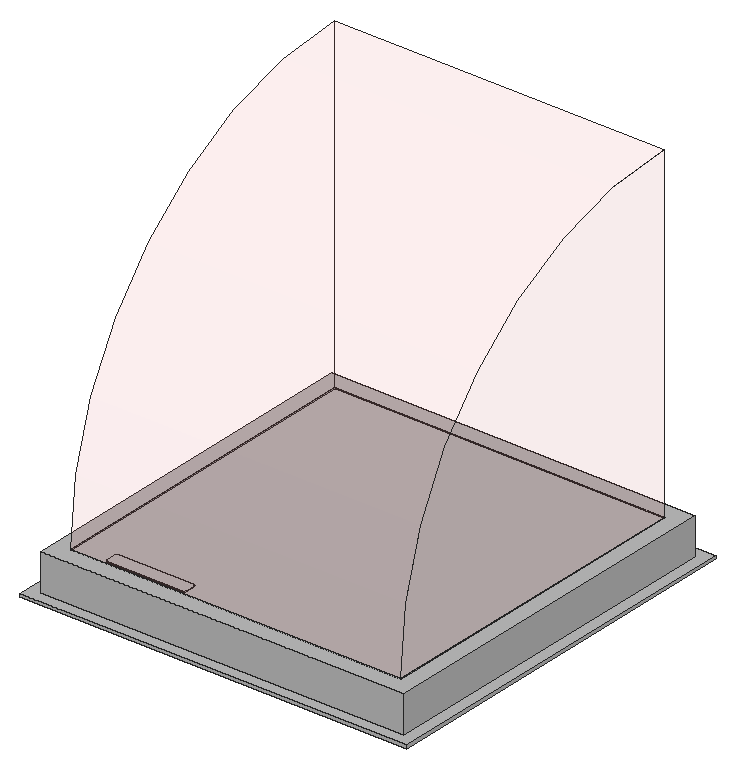
Revit family "Door_Access_Floor_Acudor_FC-300", category Generic Models, host Face, Revit 2026
Family settings
  Host = Face
  Can host rebar = No
  Round Connector Dimension = Use Diameter
  Part Type = Normal
  Cut with Voids When Loaded = No
  Maintain Annotation Orientation = No
  Shared = No
  Room Calculation Point = No
Parameters
  halfswing = (Door Width / 2)  # 1' - 2 1/2"
  Warranty Duration (Years) = 0
  Unit Width = 2' - 0"
  Unit Weight = 0
  Unit Height = 2' - 0"
  Unit Depth = 0' - 3 1/2"
  URL = "http://www.acudor.com/"
  Test Data = ""
  Swing Clearance Visible [instance] = yes
  Standards Conformance = "as Specified"
  Specification = ""
  SpecWizard = ""
  SingleSwing [instance] = and(Single Leaf, Swing Clearance Visible)  # yes
  Single Leaf = Unit Width < 4' 0"  # yes
  Send Message = ""
  Sales Information = "http://www.acudor.com/contactus"
  Revision = "R1_2017-03"
  Product Properties = ""
  Product Data = "http://www.arcat.com/arcatcos/cos30/arc30126.html"
  Overall Width = 2' - 8"
  Overall Height = 2' - 8"
  Opening Width = Unit Width  # 2' - 0"
  Opening Height = Unit Height  # 2' - 0"
  Opening Depth [instance] = 1' - 0"
  Model = "As Specified"
  Manufacturer Website = "http://www.acudor.com/"
  Manufacturer Phone - Toll Free = "800-722-0501"
  Manufacturer Phone = "973-575-5120"
  Manufacturer Fax = "973-575-5160"
  Manufacturer Address = "80 Little Falls Rd.  Fairfield, NJ 07004"
  Manufacturer = "Acudor Products Inc"
  Maintenance Schedule (Months) = 0
  Keynote = ""
  Installation-Fabrication = ""
  Installation Phase = ""
  Green Building-LEED = "http://www.arcat.com/green/clients/leed_data_30126.html"
  Frame Finish [instance] = Metal - Acudor - Aluminum
  Fixture Finish [instance] = Metal - Acudor - Aluminum Diamond Plated
  Expected Lifespan (Years) = 0
  Drawn By = "Sumex Design, Inc. / Robert S. Weygant, CSI, CDT, SCIP"
  DoubleSwing [instance] = and(Double Leaf, Swing Clearance Visible)  # no
  Double Leaf = not(Single Leaf)  # no
  Door Width = Overall Width - 0' 3"  # 2' - 5"
  Door Height = Overall Height - 0' 3"  # 2' - 5"
  Description = "Acudor Product as Specified"
  Default Elevation = 0' - 0"  # constant formula
  Copyright = "©Arcat Inc."
  Construction Details = ""
  Clearance Material [instance] = ARCAT Clearance
  Clear Opening Width = 1' - 8"
  Clear Opening Height = 2' - 0"
  Capacity = "as Specified"
  Available Options [instance] = "as Specified"
  Assembly Code = ""
Reference planes (in)
  plane 1 "Center (Front/Back)": y = 1.28343
  plane 2: z = 0
  plane 3 "Center (Left/Right)": x = 0
  plane 4: y = 13.28343
  plane 5: y = -10.71657
  plane 6: x = -12
  plane 7: x = 12
  plane 8: z = 0
  plane 9: y = 17.28343
  plane 10: y = -14.71657
  plane 11: x = -16
  plane 12: x = 16
  plane 13: z = -3.5
  plane 14: x = -12
  plane 15: x = 12
  plane 16: y = 13.28343
  plane 17: y = -10.71657
  plane 18: z = -12
  plane 19: y = 15.78343
  plane 20: y = -13.21657
  plane 21: x = -14.5
  plane 22: x = 14.5
Forms (in)
  Extrusion 1, void
    sketch origin (0, 0, 0) x (1, 0, 0) y (0, 1, 0)
      loop
        line (-12, 13.28343) -> (-12, -10.71657) -> (12, -10.71657) -> (12, 13.28343) -> (-12, 13.28343)
    from -12 to 0
  Extrusion 2, void
    sketch origin (0, 0, 0) x (1, 0, 0) y (0, 1, 0)
      loop
        line (-16, 17.28343) -> (-16, -14.71657) -> (16, -14.71657) -> (16, 17.28343) -> (-16, 17.28343)
    from 0 to -3.5
  Sweep 3, solid, material "Metal - Acudor - Aluminum" <- "Frame Finish"
    path origin (0, 0, 0) x (1, 0, 0) y (0, 1, 0)
      loop
        line (-16, 17.28343) -> (-16, -14.71657) -> (16, -14.71657) -> (16, 17.28343) -> (-16, 17.28343)
    profile origin (0, 17.28343, 0) x (0, 1, 0) y (0, 0, 1)
      loop
        line (0, 0) -> (-1.5, 0) -> (-1.5, -0.25) -> (-0.25, -0.25) -> (-0.25, -3.25) -> (-3.75, -3.25) -> (-3.75, -0.25) -> (-4, -0.25) -> (-4, -3.5) -> (1, -3.5) -> (1, -3.25) -> (0, -3.25) -> (0, 0)
  Extrusion 4, solid, material "Metal - Acudor - Aluminum Diamond Plated" <- "Fixture Finish", visible <- "Single Leaf"
    sketch origin (0, 0, 0) x (1, 0, 0) y (0, 1, 0)
      loop
        line (-14.5, 15.78343) -> (-14.5, -13.21657) -> (14.5, -13.21657) -> (14.5, 15.78343) -> (-14.5, 15.78343)
    from 0 to -0.25
  Extrusion 5, solid, material "Metal - Acudor - Aluminum" <- "Frame Finish", visible <- "Single Leaf"
    sketch origin (0, 0, 0) x (1, 0, 0) y (0, 1, 0)
      loop
        arc (-11.44431, -11.76889) -> (-11.62109, -11.84211) -> (-11.69431, -12.01889) r 0.25
        line (-11.69431, -12.01889) -> (-11.69431, -12.76889)
        arc (-11.69431, -12.76889) -> (-11.62109, -12.94567) -> (-11.44431, -13.01889) r 0.25
        line (-11.44431, -13.01889) -> (-4.94431, -13.01889)
        arc (-4.94431, -13.01889) -> (-4.76754, -12.94567) -> (-4.69431, -12.76889) r 0.25
        line (-4.69431, -12.76889) -> (-4.69431, -12.01889)
        arc (-4.69431, -12.01889) -> (-4.76754, -11.84211) -> (-4.94431, -11.76889) r 0.25
        line (-4.94431, -11.76889) -> (-11.44431, -11.76889)
    from 0 to -0.25
  Extrusion 6, solid, material "Metal - Acudor - Aluminum" <- "Frame Finish", visible <- "Single Leaf"
    sketch origin (0, 0, 0) x (1, 0, 0) y (0, 1, 0)
      loop
        line (-11.25, 12.53343) -> (-11.25, -9.96489) -> (11.24832, -9.96489) -> (11.24832, 12.53343) -> (-11.25, 12.53343)
    from -1.75 to -0.25
  Extrusion 7, solid, material "Metal - Acudor - Aluminum Diamond Plated" <- "Fixture Finish", visible <- "Double Leaf"
    sketch origin (0, 0, 0) x (1, 0, 0) y (0, 1, 0)
      loop
        line (-14.5, 15.78343) -> (-14.5, -13.21657) -> (0, -13.21657) -> (0, 15.78343) -> (-14.5, 15.78343)
    from 0 to -0.25
  Extrusion 8, solid, material "Metal - Acudor - Aluminum Diamond Plated" <- "Fixture Finish", visible <- "Double Leaf"
    sketch origin (0, 0, 0) x (-1, 0, 0) y (0, -1, 0)
      loop
        line (-14.5, -15.78343) -> (0, -15.78343) -> (0, 13.21657) -> (-14.5, 13.21657) -> (-14.5, -15.78343)
    from 0 to -0.25
  Extrusion 9, solid, material "Metal - Acudor - Aluminum" <- "Frame Finish", visible <- "Double Leaf"
    sketch origin (0, 0, 0) x (1, 0, 0) y (0, 1, 0)
      loop
        line (-11.25, 12.53343) -> (-11.25, -9.96489) -> (0, -9.96489) -> (0, 12.53343) -> (-11.25, 12.53343)
    from -1.75 to -0.25
  Extrusion 10, solid, material "Metal - Acudor - Aluminum" <- "Frame Finish", visible <- "Double Leaf"
    sketch origin (0, 0, 0) x (-1, 0, 0) y (0, -1, 0)
      loop
        line (-11.25, -12.53343) -> (0, -12.53343) -> (0, 9.96489) -> (-11.25, 9.96489) -> (-11.25, -12.53343)
    from -1.75 to -0.25
  Extrusion 11, solid, material "Metal - Acudor - Aluminum" <- "Frame Finish", visible <- "Double Leaf"
    sketch origin (2.19992, 0, 0) x (1, 0, 0) y (0, 1, 0)
      loop
        arc (-12.44992, -11.76889) -> (-12.62669, -11.84211) -> (-12.69992, -12.01889) r 0.25
        line (-12.69992, -12.01889) -> (-12.69992, -12.76889)
        arc (-12.69992, -12.76889) -> (-12.62669, -12.94567) -> (-12.44992, -13.01889) r 0.25
        line (-12.44992, -13.01889) -> (-5.94992, -13.01889)
        arc (-5.94992, -13.01889) -> (-5.77314, -12.94567) -> (-5.69992, -12.76889) r 0.25
        line (-5.69992, -12.76889) -> (-5.69992, -12.01889)
        arc (-5.69992, -12.01889) -> (-5.77314, -11.84211) -> (-5.94992, -11.76889) r 0.25
        line (-5.94992, -11.76889) -> (-12.44992, -11.76889)
      loop
        line (8.05008, -11.76889) -> (1.55008, -11.76889)
        arc (1.55008, -11.76889) -> (1.37331, -11.84211) -> (1.30008, -12.01889) r 0.25
        line (1.30008, -12.01889) -> (1.30008, -12.76889)
        arc (1.30008, -12.76889) -> (1.37331, -12.94567) -> (1.55008, -13.01889) r 0.25
        line (1.55008, -13.01889) -> (8.05008, -13.01889)
        arc (8.05008, -13.01889) -> (8.22686, -12.94567) -> (8.30008, -12.76889) r 0.25
        line (8.30008, -12.76889) -> (8.30008, -12.01889)
        arc (8.30008, -12.01889) -> (8.22686, -11.84211) -> (8.05008, -11.76889) r 0.25
    from 0 to -0.25
  Extrusion 12, solid, material "ARCAT Clearance" <- "Clearance Material", visible <- "SingleSwing"
    sketch origin (0, 0, 0) x (0, 1, 0) y (0, 0, 1)
      loop
        arc (15.78343, 29) -> (-4.72267, 20.5061) -> (-13.21657, 0) r 29
        line (-13.21657, 0) -> (15.78343, 0) -> (15.78343, 29)
    from -14.5 to 14.5
  Extrusion 13, solid, material "ARCAT Clearance" <- "Clearance Material", visible <- "DoubleSwing"
    sketch origin (0, 1.28343, 0) x (1, 0, 0) y (0, 0, 1)
      loop
        arc (0, 0) -> (-4.24695, 10.25305) -> (-14.5, 14.5) r 14.5
        line (-14.5, 14.5) -> (-14.5, 0) -> (0, 0)
    from -14.5 to 14.5
  Extrusion 14, solid, material "ARCAT Clearance" <- "Clearance Material", visible <- "DoubleSwing"
    sketch origin (0, 1.28343, 0) x (-1, 0, 0) y (0, 0, -1)
      loop
        line (0, 0) -> (-14.5, 0) -> (-14.5, -14.5)
        arc (-14.5, -14.5) -> (-4.24695, -10.25305) -> (0, 0) r 14.5
    from -14.5 to 14.5
Lines and regions (in)
  model lines, style "GenericModelHiddenLines", visible <- "Single Leaf"
    curve 1: line (-14.5, -13.21657, 0) -> (0, 15.78343, 0)
    curve 2: line (0, 15.78343, 0) -> (14.5, -13.21657, 0)
  model lines, style "GenericModelHiddenLines", visible <- "Double Leaf"
    curve 3: line (0, 15.78343, 0) -> (-14.5, 1.28343, 0)
    curve 4: line (-14.5, 1.28343, 0) -> (0, -13.21657, 0)
    curve 5: line (0, -13.21657, 0) -> (14.5, 1.28343, 0)
    curve 6: line (14.5, 1.28343, 0) -> (0, 15.78343, 0)
Dimensions and locks (in)
  locked: plane 8 to level
  equal spacing: plane 4, plane 1 "Center (Front/Back)", plane 5
  "Unit Height": plane 4 to plane 5
  equal spacing: plane 6, plane 3 "Center (Left/Right)", plane 7
  "Unit Width": plane 6 to plane 7
  equal spacing: plane 11, plane 3 "Center (Left/Right)", plane 12
  equal spacing: plane 9, plane 1 "Center (Front/Back)", plane 10
  "Overall Width": plane 11 to plane 12
  "Overall Height": plane 9 to plane 10
  "Unit Depth": plane 8 to plane 13
  equal spacing: plane 16, plane 1 "Center (Front/Back)", plane 17
  equal spacing: plane 14, plane 3 "Center (Left/Right)", plane 15
  "Opening Width": plane 14 to plane 15
  "Opening Height": plane 16 to plane 17
  "Opening Depth": level to plane 18
  locked: plane 11 to Extrusion 4 sketch curve at 1.5
  locked: plane 9 to Extrusion 4 sketch curve at 1.5
  locked: Extrusion 4 sketch curve to plane 12 at 1.5
  locked: Extrusion 4 sketch curve to plane 10 at 1.5
  Extrusion 5 sketch curve to Extrusion 5 sketch curve to plane 10 = 0' - 1 1/4" locked, 0' - 1.69768" locked
  plane 11 to Extrusion 5 sketch curve to Extrusion 5 sketch curve = 0' - 4.30569" locked, 0' - 7" locked
  locked: Extrusion 6 sketch curve to plane 15 at 0.75168
  locked: plane 14 to Extrusion 6 sketch curve at 0.75
  locked: plane 16 to Extrusion 6 sketch curve at 0.75
  locked: Extrusion 6 sketch curve to plane 17 at 0.75168
  locked: plane 9 to Extrusion 8 sketch curve at 1.5
  locked: Extrusion 8 sketch curve to plane 12 at 1.5
  locked: Extrusion 8 sketch curve to plane 10 at 1.5
  locked: plane 9 to Extrusion 7 sketch curve at 1.5
  locked: Extrusion 7 sketch curve to plane 10 at 1.5
  locked: plane 11 to Extrusion 7 sketch curve at 1.5
  locked: plane 9 to plane 19 at 1.5
  locked: plane 20 to plane 10 at 1.5
  locked: plane 11 to plane 21 at 1.5
  locked: plane 22 to plane 12 at 1.5
  locked: plane 16 to Extrusion 9 sketch curve at 0.75
  locked: Extrusion 9 sketch curve to plane 17 at 0.75168
  locked: plane 14 to Extrusion 9 sketch curve at 0.75
  locked: plane 16 to Extrusion 10 sketch curve at 0.75
  locked: Extrusion 10 sketch curve to plane 17 at 0.75168
  locked: Extrusion 10 sketch curve to plane 15 at 0.75
  locked: Extrusion 11 sketch curve to Extrusion 11 sketch curve at 1.25  (x2)
  locked: Extrusion 11 sketch curve to Extrusion 11 sketch curve at 7  (x2)
  locked: Extrusion 11 sketch curve to plane 3 "Center (Left/Right)" at 3.5
  locked: plane 3 "Center (Left/Right)" to Extrusion 11 sketch curve at 3.5
  locked: plane 20 to Extrusion 11 sketch curve at 0.19768  (x2)
  "Door Height": radius of Extrusion 12 sketch curve
  "halfswing": radius of Extrusion 13 sketch curve
  "halfswing": radius of Extrusion 14 sketch curve
  aligned and locked: host face to plane 2
  aligned and locked: host face to level
  aligned and locked: Extrusion 1 sketch curve to plane 16
  aligned and locked: plane 14 to Extrusion 1 sketch curve
  aligned and locked: plane 17 to Extrusion 1 sketch curve
  aligned and locked: Extrusion 1 sketch curve to plane 15
  aligned and locked: Extrusion 1 to plane 18
  aligned and locked: plane 8 to Extrusion 1
  aligned and locked: Extrusion 2 sketch curve to plane 9
  aligned and locked: plane 11 to Extrusion 2 sketch curve
  aligned and locked: plane 10 to Extrusion 2 sketch curve
  aligned and locked: Extrusion 2 sketch curve to plane 12
  aligned and locked: Sweep 3 sketch curve to plane 9
  aligned and locked: plane 11 to Sweep 3 sketch curve
  aligned and locked: plane 10 to Sweep 3 sketch curve
  aligned and locked: Sweep 3 sketch curve to plane 12
  aligned and locked: Extrusion 8 sketch curve to plane 3 "Center (Left/Right)"
  aligned and locked: Extrusion 7 sketch curve to plane 3 "Center (Left/Right)"
  aligned and locked: plane 19 to curve 6
  aligned and locked: plane 3 "Center (Left/Right)" to curve 3
  aligned and locked: plane 3 "Center (Left/Right)" to curve 5
  aligned and locked: plane 20 to curve 4
  aligned and locked: plane 21 to curve 4
  aligned and locked: plane 1 "Center (Front/Back)" to curve 4
  aligned and locked: plane 1 "Center (Front/Back)" to curve 6
  aligned and locked: plane 22 to curve 6
  aligned and locked: Extrusion 9 sketch curve to plane 3 "Center (Left/Right)"
  aligned and locked: Extrusion 10 sketch curve to plane 3 "Center (Left/Right)"
  aligned and locked: Extrusion 12 sketch curve to plane 19
  aligned and locked: plane 21 to Extrusion 12
  aligned and locked: Extrusion 12 to plane 22
  aligned and locked: Extrusion 13 sketch curve to plane 21
  aligned and locked: Extrusion 14 sketch curve to plane 22
  aligned and locked: plane 20 to Extrusion 14
  aligned and locked: plane 20 to Extrusion 13
  aligned and locked: Extrusion 14 to plane 19
  aligned and locked: Extrusion 13 to plane 19
Automatic sketch dimensions
  host sketch curve to host sketch curve = 12' - 11.75605"
  host sketch curve to host sketch curve = 12' - 7.74281"
  Sweep 3 sketch curve to level = 0' - 0"
  Sweep 3 sketch curve to profile plane = 0' - 0"
  profile plane to Sweep 3 sketch curve = 0' - 0 1/4"
  Sweep 3 sketch curve to level = 0' - 0 1/4"  (x2)
  Sweep 3 sketch curve to Sweep 3 sketch curve = 0' - 1 1/4"
  Sweep 3 sketch curve to Sweep 3 sketch curve = 0' - 3 1/2"
  Sweep 3 sketch curve to Sweep 3 sketch curve = 0' - 0 1/4"  (x2)
  Sweep 3 sketch curve to profile plane = 0' - 1"
  Sweep 3 sketch curve to Sweep 3 sketch curve = 0' - 3"
  Sweep 3 sketch curve to Sweep 3 sketch curve = 0' - 0"
  Extrusion 5 sketch curve to Extrusion 5 sketch curve = 0' - 0 1/4"  (x4)
  curve 1 to Extrusion 4 = 0' - 0"  (x2)
  curve 2 to Extrusion 4 = 0' - 0"  (x2)
  Extrusion 4 to curve 2 = 0' - 0"
  curve 2 to Extrusion 4 = 1' - 2 1/2"
  Extrusion 11 sketch curve to Extrusion 11 sketch curve = 0' - 0 1/4"  (x8)
  Extrusion 12 sketch curve to level = 0' - 0"
  Extrusion 12 sketch curve to plane 20 = 0' - 0"
  Extrusion 13 sketch curve to level = 0' - 0"  (x2)
  Extrusion 14 sketch curve to level = 0' - 0"  (x2)
